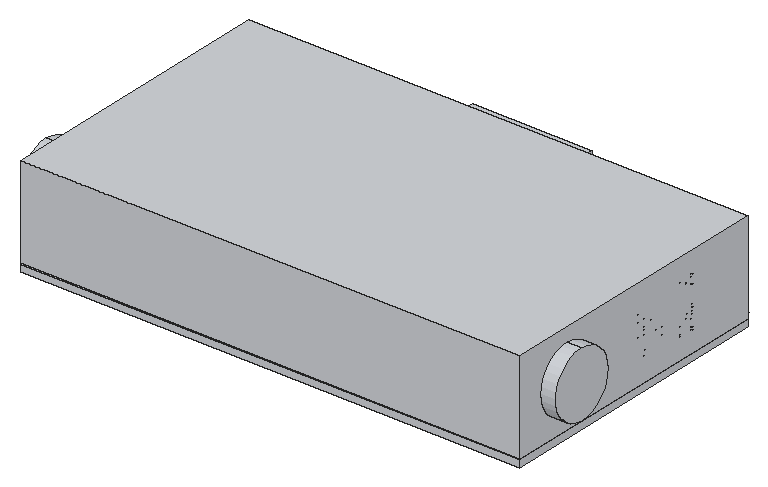
Revit family "AHU 3 _3", category Mechanické zařízení, Revit 2018
Family settings
  Kóta kulaté spojky = Použít průměr
  Typ dílu = Normální
  Číslo OmniClass = 23.75.00.00
  Nadpis OmniClass = Climate Control (HVAC)
  Založené na pracovní rovině = Ne
  Vždy vertikální = Ano
  Ořezat dutým tvarem při načtení = Ne
  Sdílené = Ne
  Bod výpočtu místnosti = Ne
Parameters (values of type "DUPLEXVENT 1100 Multi Eco")
  Width [instance] = 1.1 mm
  Weight [instance] = 115.00 kg
  URL = ""
  Type [instance] = "DUPLEXVENT 1100 Multi Eco"
  Total_SFP [instance] = 0
  Supply_outlet_hum [instance] = 90
  Supply_inlet_hum [instance] = 90
  Supply_ext_pressure [instance] = 0.0 Pa
  Supply_SFP [instance] = 0
  Source_adu_file [instance] = ""
  Recuperation_type [instance] = "Plate heat recovery exchanger"
  Recuperation_efficiency_EN308 [instance] = 0
  Project_name [instance] = ""
  Project_date [instance] = "10.8.2023"
  Power_supply_fusing [instance] = "0"
  Power_supply_cable [instance] = "0"
  Position [instance] = "AHU 3 "
  Phases_count [instance] = 1
  Panel_thickness [instance] = 0.06 mm
  Outer_surface [instance] = "RAL 9002"
  Length [instance] = 1.92 mm
  Insulation_type [instance] = "PUR"
  Insulation_thickness [instance] = 0.05 mm
  Installation_environment [instance] = ""
  Input_power_max [instance] = 770 W
  Inner_surface [instance] = "Pozink"
  I2 [instance] = I1  # 0.0 L/s
  Height [instance] = 0.384 mm
  Exhaust_outlet_hum [instance] = 0
  Exhaust_inlet_hum [instance] = 40
  Exhaust_ext_pressure [instance] = 0.0 Pa
  Exhaust_SFP [instance] = 0
  E1 [instance] = E2 - M1  # 0.0 L/s
  E2 [instance] = 0.0 L/s
  I1 [instance] = 0.0 L/s
  Description = ""
  M1 [instance] = 0.0 L/s
  Device_dutypoint_version [instance] = "1"
  Device_design_version [instance] = "13"
  Device_adu_id [instance] = "3"
  Current_max [instance] = 5 A
  Casing_mat [instance] = "painted zinc layer"
  Cable type [instance] = "CYKY 3Jx2,5"
Reference planes
  plane 1 "Střed (vpředu/vzadu)": y = 0
  plane 2 "ref": z = 0
  plane 3 "Střed (vlevo/vpravo)": x = 0
Forms (mm)
  Sweep 1, solid
    path origin (0, 0, -354) x (0, 0, 1) y (1, 0, 0)
      loop
        line (0, 0) -> (354, 0)
    profile origin (0, 0, -354) x (1, 0, 0) y (0, 1, 0)
      loop
        line (0, 0) -> (1920, 0) -> (1920, 1100) -> (0, 1100) -> (0, 0)
  Sweep 2, solid
    path origin (1920, 225, -175) x (0, 0, -1) y (1, 0, 0)
      loop
        line (0, 0) -> (0, 60)
    profile origin (1920, 225, -175) x (0, 0, 1) y (0, -1, 0)
      loop
        circle (0, 0) r 125
  Sweep 3, solid
    path origin (1, 835, -175) x (0, 1, 0) y (-1, 0, 0)
      loop
        line (0, 0) -> (0, 1)
    profile origin (1, 835, -175) x (0, -1, 0) y (0, 0, 1)
      loop
        line (-175, 100) -> (-175, -100) -> (175, -100) -> (175, 100) -> (-175, 100)
  Sweep 4, solid
    path origin (0, 225, -175) x (0, 0, -1) y (1, 0, 0)
      loop
        line (0, 0) -> (0, -80)
    profile origin (0, 225, -175) x (0, 0, -1) y (0, -1, 0)
      loop
        circle (0, 0) r 125
  Sweep 5, solid
    path origin (1919, 680, -179) x (1, 0, 0) y (0, 1, 0)
      loop
        line (0, 0) -> (1, 0)
    profile origin (1919, 680, -179) x (0, 1, 0) y (0, 0, 1)
      loop
        line (175, 100) -> (-175, 100) -> (-175, -100) -> (175, -100) -> (175, 100)
  Sweep 6, solid
    path origin (1865, 1100, -371) x (0, 1, 0) y (-1, 0, 0)
      loop
        line (0, 0) -> (50, 0)
    profile origin (1865, 1100, -371) x (-1, 0, 0) y (0, 0, 1)
      loop
        circle (0, 0) r 16
  Sweep 7, solid
    path origin (605, 1100, -371) x (0, 1, 0) y (-1, 0, 0)
      loop
        line (0, 0) -> (50, 0)
    profile origin (605, 1100, -371) x (-1, 0, 0) y (0, 0, 1)
      loop
        circle (0, 0) r 16
  Sweep 8, solid
    path origin (0, 0, -384) x (0, 0, 1) y (1, 0, 0)
      loop
        line (0, 0) -> (25, 0)
    profile origin (0, 0, -384) x (1, 0, 0) y (0, 1, 0)
      loop
        line (0, 0) -> (1920, 0) -> (1920, 1100) -> (0, 1100) -> (0, 0)
  Sweep 9, solid
    path origin (0, 0, -294) x (0, 0, 1) y (1, 0, 0)
      loop
        line (0, 0) -> (235, 0)
    profile origin (0, 0, -294) x (1, 0, 0) y (0, 1, 0)
      loop
        line (782, 1100) -> (1238, 1100) -> (1238, 1200) -> (782, 1200) -> (782, 1100)
  Sweep 10, solid
    path origin (782, 1150, -177) x (0, 0, -1) y (1, 0, 0)
      loop
        line (0, 0) -> (0, -1)
    profile origin (782, 1150, -177) x (0, 0, -1) y (0, -1, 0)
      loop
        circle (0, 0) r 10
Lines and regions (mm)
  model lines, style "Symbol"
    curve 1: line (1133, 0, 0) -> (1133, 220, 0)
    curve 2: line (1133, 1100, 0) -> (1133, 880, 0)
    curve 3: line (0, 550, 0) -> (803, 550, 0)
    curve 4: line (1920, 550, 0) -> (1463, 550, 0)
    curve 5: line (803, 550, 0) -> (968, 880, 0)
    curve 6: line (968, 880, 0) -> (1298, 880, 0)
    curve 7: line (1298, 880, 0) -> (1463, 550, 0)
    curve 8: line (1463, 550, 0) -> (1298, 220, 0)
    curve 9: line (1298, 220, 0) -> (1133, 220, 0)
    curve 10: line (1133, 220, 0) -> (968, 220, 0)
    curve 11: line (968, 220, 0) -> (803, 550, 0)
    curve 12: line (242, 747, 0) -> (66, 777, 0)
    curve 13: line (242, 903, 0) -> (66, 873, 0)
    curve 14: line (1678, 903, 0) -> (1854, 873, 0)
    curve 15: line (1678, 747, 0) -> (1854, 777, 0)
    curve 16: line (1882, 440, 0) -> (1882, 110, 0)
    curve 17: line (1882, 110, 0) -> (1766, 110, 0)
    curve 18: line (1766, 110, 0) -> (1766, 440, 0)
    curve 19: line (1766, 440, 0) -> (1882, 440, 0)
    curve 20: line (1824, 440, 0) -> (1766, 275, 0)
    curve 21: line (1824, 110, 0) -> (1766, 275, 0)
    curve 22: line (38, 110, 0) -> (38, 440, 0)
    curve 23: line (38, 440, 0) -> (154, 440, 0)
    curve 24: line (154, 440, 0) -> (154, 110, 0)
    curve 25: line (154, 110, 0) -> (38, 110, 0)
    curve 26: line (96, 110, 0) -> (154, 275, 0)
    curve 27: line (96, 440, 0) -> (154, 275, 0)
    curve 28: line (1308, 217, 0) -> (1458, 512, 0)
    curve 29: line (1458, 512, 0) -> (1507, 487, 0)
    curve 30: line (1507, 487, 0) -> (1357, 192, 0)
    curve 31: line (1357, 192, 0) -> (1308, 217, 0)
    curve 32: line (1408, 401, 0) -> (1467, 420, 0)
    curve 33: line (1348, 284, 0) -> (1407, 303, 0)
    curve 34: line (1920, 0, -1384) -> (1920, 0, -384)
    curve 35: line (0, 0, -1384) -> (0, 0, -384)
    curve 36: line (1920, 0, -1384) -> (0, 0, -1384)
    curve 37: line (1920, 1100, -1384) -> (1920, 1100, -384)
    curve 38: line (0, 1100, -1384) -> (0, 1100, -384)
    curve 39: line (1920, 1100, -1384) -> (0, 1100, -1384)
    curve 40: line (1920, 0, -1384) -> (1920, 1100, -1384)
    curve 41: line (0, 0, -1384) -> (0, 1100, -1384)
    curve 42: line (1920, 900, -1384) -> (1720, 1100, -1384)
    curve 43: line (1920, 700, -1384) -> (1520, 1100, -1384)
    curve 44: line (1920, 500, -1384) -> (1320, 1100, -1384)
    curve 45: line (1920, 300, -1384) -> (1120, 1100, -1384)
    curve 46: line (1920, 100, -1384) -> (920, 1100, -1384)
    curve 47: line (1820, 0, -1384) -> (720, 1100, -1384)
    curve 48: line (1620, 0, -1384) -> (520, 1100, -1384)
    curve 49: line (1420, 0, -1384) -> (320, 1100, -1384)
    curve 50: line (1220, 0, -1384) -> (120, 1100, -1384)
    curve 51: line (1020, 0, -1384) -> (0, 1020, -1384)
    curve 52: line (820, 0, -1384) -> (0, 820, -1384)
    curve 53: line (620, 0, -1384) -> (0, 620, -1384)
    curve 54: line (420, 0, -1384) -> (0, 420, -1384)
    curve 55: line (220, 0, -1384) -> (0, 220, -1384)
    curve 56: line (20, 0, -1384) -> (0, 20, -1384)
    curve 57: line (0, 900, -1384) -> (0, 1100, -1184)
    curve 58: line (0, 700, -1384) -> (0, 1100, -984)
    curve 59: line (0, 500, -1384) -> (0, 1100, -784)
    curve 60: line (0, 300, -1384) -> (0, 1100, -584)
    curve 61: line (0, 100, -1384) -> (0, 1100, -384)
    curve 62: line (0, 0, -1284) -> (0, 900, -384)
    curve 63: line (0, 0, -1084) -> (0, 700, -384)
    curve 64: line (0, 0, -884) -> (0, 500, -384)
    curve 65: line (0, 0, -684) -> (0, 300, -384)
    curve 66: line (0, 0, -484) -> (0, 100, -384)
    curve 67: line (1920, 1100, -1184) -> (1720, 1100, -1384)
    curve 68: line (1920, 1100, -984) -> (1520, 1100, -1384)
    curve 69: line (1920, 1100, -784) -> (1320, 1100, -1384)
    curve 70: line (1920, 1100, -584) -> (1120, 1100, -1384)
    curve 71: line (1920, 1100, -384) -> (920, 1100, -1384)
    curve 72: line (1720, 1100, -384) -> (720, 1100, -1384)
    curve 73: line (1520, 1100, -384) -> (520, 1100, -1384)
    curve 74: line (1320, 1100, -384) -> (320, 1100, -1384)
    curve 75: line (1120, 1100, -384) -> (120, 1100, -1384)
    curve 76: line (920, 1100, -384) -> (0, 1100, -1304)
    curve 77: line (720, 1100, -384) -> (0, 1100, -1104)
    curve 78: line (520, 1100, -384) -> (0, 1100, -904)
    curve 79: line (320, 1100, -384) -> (0, 1100, -704)
    curve 80: line (120, 1100, -384) -> (0, 1100, -504)
    curve 81: line (0, 1840, 0) -> (0, 1100, 0)
    curve 82: line (1920, 1840, 0) -> (1920, 1100, 0)
    curve 83: line (0, 1840, 0) -> (1920, 1840, 0)
    curve 84: line (0, 1840, -354) -> (0, 1100, -354)
    curve 85: line (1920, 1840, -354) -> (1920, 1100, -354)
    curve 86: line (0, 1840, -354) -> (1920, 1840, -354)
    curve 87: line (0, 1840, 0) -> (0, 1840, -354)
    curve 88: line (1920, 1840, 0) -> (1920, 1840, -354)
    curve 89: line (0, 1840, -154) -> (200, 1840, -354)
    curve 90: line (46, 1840, 0) -> (400, 1840, -354)
    curve 91: line (246, 1840, 0) -> (600, 1840, -354)
    curve 92: line (446, 1840, 0) -> (800, 1840, -354)
    curve 93: line (646, 1840, 0) -> (1000, 1840, -354)
    curve 94: line (846, 1840, 0) -> (1200, 1840, -354)
    curve 95: line (1046, 1840, 0) -> (1400, 1840, -354)
    curve 96: line (1246, 1840, 0) -> (1600, 1840, -354)
    curve 97: line (1446, 1840, 0) -> (1800, 1840, -354)
    curve 98: line (1646, 1840, 0) -> (1920, 1840, -274)
    curve 99: line (1846, 1840, 0) -> (1920, 1840, -74)
    curve 100: line (1920, 1840, -154) -> (1920, 1640, -354)
    curve 101: line (1920, 1794, 0) -> (1920, 1440, -354)
    curve 102: line (1920, 1594, 0) -> (1920, 1240, -354)
    curve 103: line (1920, 1394, 0) -> (1920, 1100, -294)
    curve 104: line (1920, 1194, 0) -> (1920, 1100, -94)
    curve 105: line (0, 1640, -354) -> (200, 1840, -354)
    curve 106: line (0, 1440, -354) -> (400, 1840, -354)
    curve 107: line (0, 1240, -354) -> (600, 1840, -354)
    curve 108: line (60, 1100, -354) -> (800, 1840, -354)
    curve 109: line (260, 1100, -354) -> (1000, 1840, -354)
    curve 110: line (460, 1100, -354) -> (1200, 1840, -354)
    curve 111: line (660, 1100, -354) -> (1400, 1840, -354)
    curve 112: line (860, 1100, -354) -> (1600, 1840, -354)
    curve 113: line (1060, 1100, -354) -> (1800, 1840, -354)
    curve 114: line (1260, 1100, -354) -> (1920, 1760, -354)
    curve 115: line (1460, 1100, -354) -> (1920, 1560, -354)
    curve 116: line (1660, 1100, -354) -> (1920, 1360, -354)
    curve 117: line (1860, 1100, -354) -> (1920, 1160, -354)
    curve 118: line (0, 0, -359) -> (0, 1100, -359)
    curve 119: line (0, 1100, -359) -> (905, 1100, -359)
    curve 120: line (905, 1100, -359) -> (905, 0, -359)
    curve 121: line (905, 0, -359) -> (0, 0, -359)
    curve 122: line (1015, 0, -359) -> (1015, 1100, -359)
    curve 123: line (1015, 1100, -359) -> (1920, 1100, -359)
    curve 124: line (1920, 1100, -359) -> (1920, 0, -359)
    curve 125: line (1920, 0, -359) -> (1015, 0, -359)
    curve 126: line (0, 0, -359) -> (1920, 0, -359)
    curve 127: line (0, 1100, -359) -> (1920, 1100, -359)
    curve 128: line (0, 0, -359) -> (0, 1100, -359)
    curve 129: line (1920, 0, -359) -> (1920, 1100, -359)
    curve 130: line (0, 0, -359) -> (0, 0, -384)
    curve 131: line (1920, 0, -359) -> (1920, 0, -384)
    curve 132: line (0, 1100, -359) -> (0, 1100, -384)
    curve 133: line (1920, 1100, -359) -> (1920, 1100, -384)
    curve 134: line (-51, 1050, 0) -> (-51, 1100, 0)
    curve 135: line (-51, 1100, 0) -> (-1, 1100, 0)
    curve 136: line (-1, 1100, 0) -> (-1, 1050, 0)
    curve 137: line (-1, 1050, 0) -> (-51, 1050, 0)
    curve 138: line (-1, 1050, -150) -> (-1, 1050, 0)
    curve 139: line (-1, 1050, 0) -> (-1, 1100, 0)
    curve 140: line (-1, 1100, 0) -> (-1, 1100, -150)
    curve 141: line (-1, 1100, -150) -> (-1, 1050, -150)
    curve 142: line (-13, 1050, -150) -> (-51, 1050, 0)
    curve 143: line (-51, 1050, 0) -> (-1, 1050, 0)
    curve 144: line (-1, 1050, 0) -> (-1, 1050, -150)
    curve 145: line (-1, 1050, -150) -> (-13, 1050, -150)
    curve 146: line (-13, 1100, -150) -> (-51, 1100, 0)
    curve 147: line (-51, 1100, 0) -> (-1, 1100, 0)
    curve 148: line (-1, 1100, 0) -> (-1, 1100, -150)
    curve 149: line (-1, 1100, -150) -> (-13, 1100, -150)
    curve 150: line (-51, 0, 0) -> (-51, 50, 0)
    curve 151: line (-51, 50, 0) -> (-1, 50, 0)
    curve 152: line (-1, 50, 0) -> (-1, 0, 0)
    curve 153: line (-1, 0, 0) -> (-51, 0, 0)
    curve 154: line (-1, 0, -150) -> (-1, 0, 0)
    curve 155: line (-1, 0, 0) -> (-1, 50, 0)
    curve 156: line (-1, 50, 0) -> (-1, 50, -150)
    curve 157: line (-1, 50, -150) -> (-1, 0, -150)
    curve 158: line (-13, 0, -150) -> (-51, 0, 0)
    curve 159: line (-51, 0, 0) -> (-1, 0, 0)
    curve 160: line (-1, 0, 0) -> (-1, 0, -150)
    curve 161: line (-1, 0, -150) -> (-13, 0, -150)
    curve 162: line (-13, 50, -150) -> (-51, 50, 0)
    curve 163: line (-51, 50, 0) -> (-1, 50, 0)
    curve 164: line (-1, 50, 0) -> (-1, 50, -150)
    curve 165: line (-1, 50, -150) -> (-13, 50, -150)
    curve 166: line (1971, 50, 0) -> (1971, 0, 0)
    curve 167: line (1971, 0, 0) -> (1921, 0, 0)
    curve 168: line (1921, 0, 0) -> (1921, 50, 0)
    curve 169: line (1921, 50, 0) -> (1971, 50, 0)
    curve 170: line (1921, 50, -150) -> (1921, 50, 0)
    curve 171: line (1921, 50, 0) -> (1921, 0, 0)
    curve 172: line (1921, 0, 0) -> (1921, 0, -150)
    curve 173: line (1921, 0, -150) -> (1921, 50, -150)
    curve 174: line (1934, 50, -150) -> (1971, 50, 0)
    curve 175: line (1971, 50, 0) -> (1921, 50, 0)
    curve 176: line (1921, 50, 0) -> (1921, 50, -150)
    curve 177: line (1921, 50, -150) -> (1934, 50, -150)
    curve 178: line (1934, 0, -150) -> (1971, 0, 0)
    curve 179: line (1971, 0, 0) -> (1921, 0, 0)
    curve 180: line (1921, 0, 0) -> (1921, 0, -150)
    curve 181: line (1921, 0, -150) -> (1934, 0, -150)
    curve 182: line (1971, 1100, 0) -> (1971, 1050, 0)
    curve 183: line (1971, 1050, 0) -> (1921, 1050, 0)
    curve 184: line (1921, 1050, 0) -> (1921, 1100, 0)
    curve 185: line (1921, 1100, 0) -> (1971, 1100, 0)
    curve 186: line (1921, 1100, -150) -> (1921, 1100, 0)
    curve 187: line (1921, 1100, 0) -> (1921, 1050, 0)
    curve 188: line (1921, 1050, 0) -> (1921, 1050, -150)
    curve 189: line (1921, 1050, -150) -> (1921, 1100, -150)
    curve 190: line (1934, 1100, -150) -> (1971, 1100, 0)
    curve 191: line (1971, 1100, 0) -> (1921, 1100, 0)
    curve 192: line (1921, 1100, 0) -> (1921, 1100, -150)
    curve 193: line (1921, 1100, -150) -> (1934, 1100, -150)
    curve 194: line (1934, 1050, -150) -> (1971, 1050, 0)
    curve 195: line (1971, 1050, 0) -> (1921, 1050, 0)
    curve 196: line (1921, 1050, 0) -> (1921, 1050, -150)
    curve 197: line (1921, 1050, -150) -> (1934, 1050, -150)
    curve 198: circle (165, 825, 0) r 110 normal (0, 0, 1)
    curve 199: circle (1755, 825, 0) r 110 normal (0, 0, 1)
    curve 200: circle (1438, 411, 0) r 8 normal (0, 0, 1)
    curve 201: circle (1378, 293, 0) r 8 normal (0, 0, 1)
    curve 202: circle (-26, 1075, 0) r 5 normal (0, 0, 1)
    curve 203: circle (-26, 25, 0) r 5 normal (0, 0, 1)
    curve 204: circle (1946, 25, 0) r 5 normal (0, 0, 1)
    curve 205: circle (1946, 1075, 0) r 5 normal (0, 0, 1)
Dimensions and locks
  aligned and locked: level to plane 2 "ref"
Connectors
  hvac at (1980, 225, -175), driven by "E1"
    settings: on Sweep 2, index 1, duct flow 0.0 L/s, flow factor 0, pres drop 0.0 Pa, loss coef 0, conn angle 0.00°, conn width 304.8 mm, conn height 304.8 mm, conn diameter 250 mm, duct sys type 1, conn prof type 0, flow config 1, flow direction 1, loss method 0, conn ref index -1, conn util no, is conn primary yes, conn desc ""
  hvac at (0, 835, -175), driven by "E2"
    settings: on Sweep 3, index 2, duct flow 0.0 L/s, flow factor 1, pres drop 0.0 Pa, loss coef 0, conn angle 0.00°, conn width 350 mm, conn height 200 mm, conn diameter 609.6 mm, duct sys type 1, conn prof type 1, flow config 2, flow direction 2, loss method 0, conn ref index -1, conn util no, is conn primary no, conn desc ""
  hvac at (-80, 225, -175), driven by "I1"
    settings: on Sweep 4, index 3, duct flow 0.0 L/s, flow factor 1, pres drop 0.0 Pa, loss coef 0, conn angle 0.00°, conn width 304.8 mm, conn height 304.8 mm, conn diameter 250 mm, duct sys type 3, conn prof type 0, flow config 2, flow direction 1, loss method 0, conn ref index -1, conn util no, is conn primary no, conn desc ""
  hvac at (1920, 680, -179), driven by "I2"
    settings: on Sweep 5, index 4, duct flow 0.0 L/s, flow factor 0, pres drop 0.0 Pa, loss coef 0, conn angle 0.00°, conn width 350 mm, conn height 200 mm, conn diameter 609.6 mm, duct sys type 3, conn prof type 1, flow config 1, flow direction 2, loss method 0, conn ref index -1, conn util no, is conn primary no, conn desc ""
  piping at (1865, 1150, -371), diameter 22
    settings: on Sweep 6, index 5, connector inside diameter 609.6 mm, connector length 0 mm, flow factor 0, pipe flow 0.0 L/s, pressure drop 0.0 Pa, fitting loss kfactor 0, connector angle 0.00°, fixture units 0, engagement length 0 mm, angle of deflection 0.00°, flow configuration 1, flow direction 2, fitting loss method 0, system type 16, joint type 0, gender type 0, connector reference index -1, connector utility 0, adjustable connector no, is connector primary yes, connector description ""
  piping at (605, 1150, -371), diameter 22
    settings: on Sweep 7, index 6, connector inside diameter 609.6 mm, connector length 0 mm, flow factor 0, pipe flow 0.0 L/s, pressure drop 0.0 Pa, fitting loss kfactor 0, connector angle 0.00°, fixture units 0, engagement length 0 mm, angle of deflection 0.00°, flow configuration 1, flow direction 2, fitting loss method 0, system type 16, joint type 0, gender type 0, connector reference index -1, connector utility 0, adjustable connector no, is connector primary no, connector description ""
  electrical at (781, 1150, -177)
    settings: on Sweep 10, index 7, voltage 230 V, apparent load 0 VA, apparent load phase1 0 VA, apparent load phase2 0 VA, apparent load phase3 0 VA, power factor 1, load classification "Další", number of poles 1, system type 31, power factor state 1, is connector primary yes, connector utility no, sub classification motor no, connector description ""
